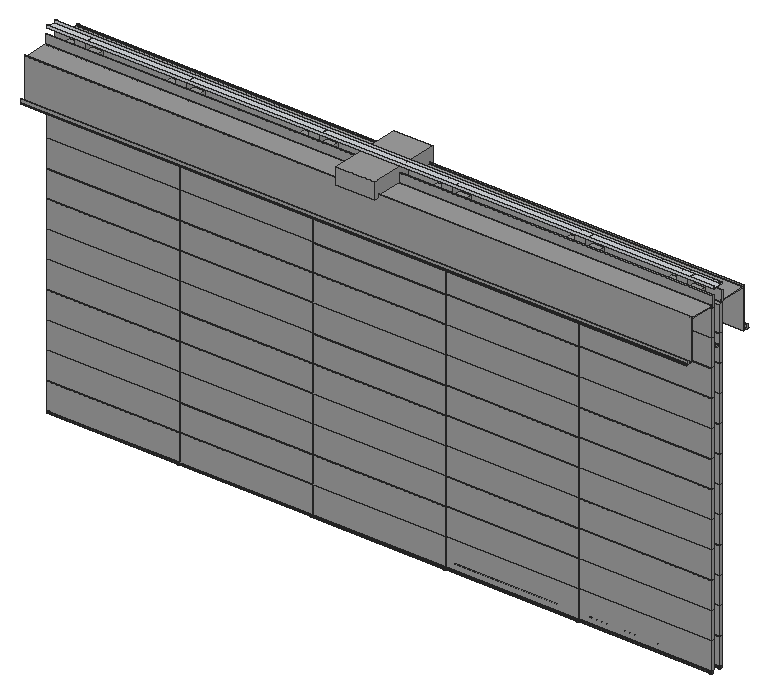
Revit family "Partition-12_Panels_High-Skyfold_Classic_Compact-22-1_to_24-2_FC_6730_to_7365", category Generic Models, host Ceiling, Revit 2026 (continued)
Definition of nested family "2D Fold Panels"
  Automatic sketch dimensions
    curve 20 to curve 21 = 0' - 0"
    curve 6 to curve 5 = 0' - 0"
    curve 19 to curve 20 = 0' - 0"
    curve 7 to curve 6 = 0' - 0"
    curve 18 to curve 19 = 0' - 0"
    curve 8 to curve 7 = 0' - 0"
    curve 17 to curve 18 = 0' - 0"
    curve 9 to curve 8 = 0' - 0"
    curve 16 to curve 17 = 0' - 0"
    curve 10 to curve 9 = 0' - 0"
    curve 15 to curve 16 = 0' - 0"
    curve 11 to curve 10 = 0' - 0"
    curve 14 to curve 15 = 0' - 0"
    curve 12 to curve 11 = 0' - 0"
    curve 13 to curve 12 = 0' - 0"  (x2)
    curve 12 to plane 4 = 0' - 8.45338"
    curve 11 to curve 12 = 0' - 0"
    curve 14 to curve 13 = 0' - 0"
    curve 10 to curve 11 = 0' - 0"
    curve 15 to curve 14 = 0' - 0"
    curve 9 to curve 10 = 0' - 0"
    curve 16 to curve 15 = 0' - 0"
    curve 8 to curve 9 = 0' - 0"
    curve 17 to curve 16 = 0' - 0"
    curve 7 to curve 8 = 0' - 0"
    curve 18 to curve 17 = 0' - 0"
    curve 6 to curve 7 = 0' - 0"
    curve 19 to curve 18 = 0' - 0"
    curve 5 to curve 6 = 0' - 0"
    curve 20 to curve 19 = 0' - 0"
    curve 4 to curve 5 = 0' - 0"
    curve 21 to curve 20 = 0' - 0"
    curve 3 to curve 4 = 0' - 0"
    curve 22 to curve 21 = 0' - 0"
    curve 2 to curve 3 = 0' - 0"
    curve 23 to curve 22 = 0' - 0"
    curve 1 to curve 2 = 0' - 0"
    curve 24 to curve 23 = 0' - 0"
    plane 5 to curve 48 = 0' - 8.45338"
    plane 5 to curve 25 = 0' - 8.45338"
    curve 47 to curve 48 = 0' - 0"
    curve 26 to curve 25 = 0' - 0"
    curve 46 to curve 47 = 0' - 0"
    curve 27 to curve 26 = 0' - 0"
    curve 45 to curve 46 = 0' - 0"
    curve 28 to curve 27 = 0' - 0"
    curve 44 to curve 45 = 0' - 0"
    curve 29 to curve 28 = 0' - 0"
    curve 43 to curve 44 = 0' - 0"
    curve 30 to curve 29 = 0' - 0"
    curve 42 to curve 43 = 0' - 0"
    curve 31 to curve 30 = 0' - 0"
    curve 41 to curve 42 = 0' - 0"
    curve 32 to curve 31 = 0' - 0"
    curve 40 to curve 41 = 0' - 0"
    curve 33 to curve 32 = 0' - 0"
    curve 39 to curve 40 = 0' - 0"
    curve 34 to curve 33 = 0' - 0"
    curve 38 to curve 39 = 0' - 0"
    curve 35 to curve 34 = 0' - 0"
    curve 37 to curve 38 = 0' - 0"
    curve 36 to curve 37 = 0' - 0"  (x2)
    curve 37 to plane 7 = 0' - 5.08923"
    curve 38 to curve 37 = 0' - 0"
    curve 35 to curve 36 = 0' - 0"
    curve 39 to curve 38 = 0' - 0"
    curve 34 to curve 35 = 0' - 0"
    curve 40 to curve 39 = 0' - 0"
    curve 33 to curve 34 = 0' - 0"
    curve 41 to curve 40 = 0' - 0"
    curve 32 to curve 33 = 0' - 0"
    curve 42 to curve 41 = 0' - 0"
    curve 31 to curve 32 = 0' - 0"
    curve 43 to curve 42 = 0' - 0"
    curve 30 to curve 31 = 0' - 0"
    curve 44 to curve 43 = 0' - 0"
    curve 29 to curve 30 = 0' - 0"
    curve 45 to curve 44 = 0' - 0"
    curve 28 to curve 29 = 0' - 0"
    curve 46 to curve 45 = 0' - 0"
    curve 27 to curve 28 = 0' - 0"
    curve 47 to curve 46 = 0' - 0"
    curve 26 to curve 27 = 0' - 0"
    curve 48 to curve 47 = 0' - 0"
    curve 25 to curve 26 = 0' - 0"
    curve 47 to plane 1 "Center (Front/Back)" = 0' - 2 1/4"
    curve 23 to plane 1 "Center (Front/Back)" = 0' - 2 1/4"
    curve 47 to curve 46 = 0' - 0 1/8"
    curve 23 to curve 22 = 0' - 0 1/8"
    curve 46 to curve 45 = 0' - 2 1/4"
    curve 22 to curve 21 = 0' - 2 1/4"
    curve 21 to curve 20 = 0' - 1.73506"
    curve 45 to curve 44 = 0' - 1.73506"
    curve 44 to curve 43 = 0' - 2 1/4"
    curve 20 to curve 19 = 0' - 2 1/4"
    curve 19 to curve 18 = 0' - 0 1/8"
    curve 43 to curve 42 = 0' - 0 1/8"
    curve 42 to curve 41 = 0' - 2 1/4"
    curve 18 to curve 17 = 0' - 2 1/4"
    curve 17 to curve 16 = 0' - 1.73506"
    curve 41 to curve 40 = 0' - 1.73506"
    curve 16 to curve 15 = 0' - 2 1/4"
    curve 40 to curve 39 = 0' - 2 1/4"
    curve 15 to curve 14 = 0' - 0 1/8"
    curve 39 to curve 38 = 0' - 0 1/8"
    curve 14 to curve 13 = 0' - 2 1/4"
    curve 38 to curve 37 = 0' - 2 1/4"
    curve 37 to curve 36 = 0' - 1.73506"
    curve 13 to curve 12 = 0' - 1.73506"
    curve 36 to curve 35 = 0' - 2 1/4"
    curve 12 to curve 11 = 0' - 2 1/4"
    curve 11 to curve 10 = 0' - 0 1/8"
    curve 35 to curve 34 = 0' - 0 1/8"
    curve 10 to curve 9 = 0' - 2 1/4"
    curve 34 to curve 33 = 0' - 2 1/4"
    curve 33 to curve 32 = 0' - 1.73506"
    curve 9 to curve 8 = 0' - 1.73506"
    curve 8 to curve 7 = 0' - 2 1/4"
    curve 32 to curve 31 = 0' - 2 1/4"
    curve 31 to curve 30 = 0' - 0 1/8"
    curve 7 to curve 6 = 0' - 0 1/8"
    curve 6 to curve 5 = 0' - 2 1/4"
    curve 30 to curve 29 = 0' - 2 1/4"
    curve 29 to curve 28 = 0' - 1.73506"
    curve 5 to curve 4 = 0' - 1.73506"
    curve 28 to curve 27 = 0' - 2 1/4"
    curve 4 to curve 3 = 0' - 2 1/4"
    curve 3 to curve 2 = 0' - 0 1/8"
    curve 27 to curve 26 = 0' - 0 1/8"
    curve 2 to curve 1 = 0' - 2 1/4"
    curve 26 to curve 25 = 0' - 2 1/4"
  Nested families (in)
    nested 1: "2D Ext Panels" at (-33.49724, 0, 0), type "panels", in view "Ref. Level"
    nested 2: "2D Int Panels" at (12.13272, 0, 0), type "Panels", in view "Ref. Level"
    nested 3: "2D Ext Panels" at (28.52102, 0, 0) x (-1, 0, 0) z (0, 0, 1), type "panels", in view "Ref. Level"
    nested 4: "2D Int Panels" at (-17.10894, 0, 0) x (-1, 0, 0) z (0, 0, 1), type "Panels", in view "Ref. Level"
  Definition of nested family "2D Ext Panels"
    Parameters
      Assembly Code = ""
    Reference planes (in)
      plane 1 "Center (Front/Back)": y = 0
      plane 2: z = 0
      plane 3 "Center (Left/Right)": x = 0
    Lines and regions (in)
      model lines, in view "Ref. Level"
        curve 1: line (-3.15164, 2.25, 0) -> (-7.51926, 2.25, 0)
        curve 2: line (-7.51926, 2.25, 0) -> (-8.31196, 1.4573, 0)
        curve 3: line (-8.31196, 1.4573, 0) -> (-8.31196, 0, 0)
        curve 4: line (-8.31196, 0, 0) -> (-3.15164, 0, 0)
        curve 5: line (-3.15164, 8.73506, 0) -> (-7.45687, 8.73506, 0)
        curve 6: line (-7.45687, 8.73506, 0) -> (-8.24087, 9.51906, 0)
        curve 7: line (-8.24087, 9.51906, 0) -> (-8.24087, 10.98506, 0)
        curve 8: line (-8.24087, 10.98506, 0) -> (-3.15164, 10.98506, 0)
        curve 9: line (-3.15164, 6.36006, 0) -> (-8.24087, 6.36006, 0)
        curve 10: line (-8.24087, 6.36006, 0) -> (-8.24087, 7.82606, 0)
        curve 11: line (-8.24087, 7.82606, 0) -> (-7.45687, 8.61006, 0)
        curve 12: line (-7.45687, 8.61006, 0) -> (-3.15164, 8.61006, 0)
        curve 13: line (-3.15164, 2.375, 0) -> (-7.52796, 2.375, 0)
        curve 14: line (-7.52796, 2.375, 0) -> (-8.31196, 3.159, 0)
        curve 15: line (-8.31196, 3.159, 0) -> (-8.31196, 4.625, 0)
        curve 16: line (-8.31196, 4.625, 0) -> (-3.15164, 4.625, 0)
      detail lines, in view "Ref. Level"
        curve 17: line (-3.15164, 15.09513, 0) -> (-7.45687, 15.09513, 0)
        curve 18: line (-7.45687, 15.09513, 0) -> (-8.24087, 15.87913, 0)
        curve 19: line (-8.24087, 15.87913, 0) -> (-8.24087, 17.34513, 0)
        curve 20: line (-8.24087, 17.34513, 0) -> (-3.15164, 17.34513, 0)
        curve 21: line (-3.15164, 12.72013, 0) -> (-8.24087, 12.72013, 0)
        curve 22: line (-8.24087, 12.72013, 0) -> (-8.24087, 14.18613, 0)
        curve 23: line (-8.24087, 14.18613, 0) -> (-7.45687, 14.97013, 0)
        curve 24: line (-7.45687, 14.97013, 0) -> (-3.15164, 14.97013, 0)
        curve 25: line (-3.15164, 21.45519, 0) -> (-7.45687, 21.45519, 0)
        curve 26: line (-7.45687, 21.45519, 0) -> (-8.24087, 22.23919, 0)
        curve 27: line (-8.24087, 22.23919, 0) -> (-8.24087, 23.70519, 0)
        curve 28: line (-8.24087, 23.70519, 0) -> (-3.15164, 23.70519, 0)
        curve 29: line (-3.15164, 19.08019, 0) -> (-8.24087, 19.08019, 0)
        curve 30: line (-8.24087, 19.08019, 0) -> (-8.24087, 20.54619, 0)
        curve 31: line (-8.24087, 20.54619, 0) -> (-7.45687, 21.33019, 0)
        curve 32: line (-7.45687, 21.33019, 0) -> (-3.15164, 21.33019, 0)
        curve 33: line (-3.15164, 27.81525, 0) -> (-7.45687, 27.81525, 0)
        curve 34: line (-7.45687, 27.81525, 0) -> (-8.24087, 28.59925, 0)
        curve 35: line (-8.24087, 28.59925, 0) -> (-8.24087, 30.06525, 0)
        curve 36: line (-8.24087, 30.06525, 0) -> (-3.15164, 30.06525, 0)
        curve 37: line (-3.15164, 25.44025, 0) -> (-8.24087, 25.44025, 0)
        curve 38: line (-8.24087, 25.44025, 0) -> (-8.24087, 26.90625, 0)
        curve 39: line (-8.24087, 26.90625, 0) -> (-7.45687, 27.69025, 0)
        curve 40: line (-7.45687, 27.69025, 0) -> (-3.15164, 27.69025, 0)
        curve 41: line (-3.15164, 34.17531, 0) -> (-7.45687, 34.17531, 0)
        curve 42: line (-7.45687, 34.17531, 0) -> (-8.24087, 34.95931, 0)
        curve 43: line (-8.24087, 34.95931, 0) -> (-8.24087, 36.42531, 0)
        curve 44: line (-8.24087, 36.42531, 0) -> (-3.15164, 36.42531, 0)
        curve 45: line (-3.15164, 31.80031, 0) -> (-8.24087, 31.80031, 0)
        curve 46: line (-8.24087, 31.80031, 0) -> (-8.24087, 33.26631, 0)
        curve 47: line (-8.24087, 33.26631, 0) -> (-7.45687, 34.05031, 0)
        curve 48: line (-7.45687, 34.05031, 0) -> (-3.15164, 34.05031, 0)
  Definition of nested family "2D Int Panels"
    Parameters
      Assembly Code = ""
    Reference planes (in)
      plane 1 "Center (Front/Back)": y = 0
      plane 2: z = 0
      plane 3 "Center (Left/Right)": x = -12.78401
    Lines and regions (in)
      model lines, in view "Ref. Level"
        curve 1: arc (-16.55211, 0.06825, 0) -> (-16.24953, 0.15463, 0) -> (-16.11168, 0.4375, 0) r 0.38616
        curve 2: arc (-16.11168, 0.4375, 0) -> (-16.23386, 0.72219, 0) -> (-16.531, 0.80987, 0) r 0.36427
        curve 3: arc (-17.59327, 36.35706, 0) -> (-17.29068, 36.27069, 0) -> (-17.15283, 35.98781, 0) r 0.38616
        curve 4: arc (-17.15283, 35.98781, 0) -> (-17.27502, 35.70312, 0) -> (-17.57215, 35.61544, 0) r 0.36427
        curve 5: line (-26.32421, 0, 0) -> (-17.87083, 0, 0)
        curve 6: line (-17.87083, 0, 0) -> (-17.87083, 0.24995, 0)
        curve 7: line (-17.87083, 0.24995, 0) -> (-16.55211, 0.06825, 0)
        curve 8: line (-16.531, 0.80987, 0) -> (-17.72553, 0.63308, 0)
        curve 9: line (-17.72553, 0.63308, 0) -> (-17.87083, 0.62287, 0)
        curve 10: line (-17.87083, 0.62287, 0) -> (-17.87083, 0.75, 0)
        curve 11: line (-17.87083, 0.75, 0) -> (-18.38883, 0.75, 0)
        curve 12: line (-18.38883, 0.75, 0) -> (-18.38883, 2.25, 0)
        curve 13: line (-18.38883, 2.25, 0) -> (-26.32421, 2.25, 0)
        curve 14: line (-26.32421, 4.625, 0) -> (-17.87083, 4.625, 0)
        curve 15: line (-17.87083, 4.625, 0) -> (-17.87083, 4.375, 0)
        curve 16: line (-17.87083, 4.375, 0) -> (-18.37083, 4.375, 0)
        curve 17: line (-18.37083, 4.375, 0) -> (-18.37083, 2.375, 0)
        curve 18: line (-18.37083, 2.375, 0) -> (-26.32421, 2.375, 0)
        curve 19: line (-26.32421, 8.61006, 0) -> (-17.87083, 8.61006, 0)
        curve 20: line (-17.87083, 8.61006, 0) -> (-17.87083, 6.36006, 0)
        curve 21: line (-17.87083, 6.36006, 0) -> (-26.32421, 6.36006, 0)
        curve 22: line (-26.32421, 10.98506, 0) -> (-17.87083, 10.98506, 0)
        curve 23: line (-17.87083, 10.98506, 0) -> (-17.87083, 10.73506, 0)
        curve 24: line (-17.87083, 10.73506, 0) -> (-18.37083, 10.73506, 0)
        curve 25: line (-18.37083, 10.73506, 0) -> (-18.37083, 8.73506, 0)
        curve 26: line (-18.37083, 8.73506, 0) -> (-26.32421, 8.73506, 0)
        curve 27: line (-26.32421, 34.05031, 0) -> (-17.87083, 34.05031, 0)
        curve 28: line (-17.87083, 34.05031, 0) -> (-17.87083, 31.80031, 0)
        curve 29: line (-17.87083, 31.80031, 0) -> (-26.32421, 31.80031, 0)
        curve 30: line (-26.32421, 36.42531, 0) -> (-18.87083, 36.42531, 0)
        curve 31: line (-18.87083, 36.42531, 0) -> (-18.868, 36.17536, 0)
        curve 32: line (-18.868, 36.17536, 0) -> (-17.59327, 36.35706, 0)
        curve 33: line (-17.57215, 35.61544, 0) -> (-18.76668, 35.79223, 0)
        curve 34: line (-18.76668, 35.79223, 0) -> (-18.90283, 35.80263, 0)
        curve 35: line (-18.90283, 35.80263, 0) -> (-18.90283, 35.67531, 0)
        curve 36: line (-18.90283, 35.67531, 0) -> (-19.17083, 35.67531, 0)
        curve 37: line (-19.17083, 35.67531, 0) -> (-19.17083, 34.17531, 0)
        curve 38: line (-19.17083, 34.17531, 0) -> (-26.32421, 34.17531, 0)
      detail lines, in view "Ref. Level"
        curve 39: line (-26.32421, 21.33019, 0) -> (-17.87083, 21.33019, 0)
        curve 40: line (-17.87083, 21.33019, 0) -> (-17.87083, 19.08019, 0)
        curve 41: line (-17.87083, 19.08019, 0) -> (-26.32421, 19.08019, 0)
        curve 42: line (-26.32421, 23.70519, 0) -> (-17.87083, 23.70519, 0)
        curve 43: line (-17.87083, 23.70519, 0) -> (-17.87083, 23.45519, 0)
        curve 44: line (-17.87083, 23.45519, 0) -> (-18.37083, 23.45519, 0)
        curve 45: line (-18.37083, 23.45519, 0) -> (-18.37083, 21.45519, 0)
        curve 46: line (-18.37083, 21.45519, 0) -> (-26.32421, 21.45519, 0)
        curve 47: line (-26.32421, 14.97013, 0) -> (-17.87083, 14.97013, 0)
        curve 48: line (-17.87083, 14.97013, 0) -> (-17.87083, 12.72013, 0)
        curve 49: line (-17.87083, 12.72013, 0) -> (-26.32421, 12.72013, 0)
        curve 50: line (-26.32421, 17.34513, 0) -> (-17.87083, 17.34513, 0)
        curve 51: line (-17.87083, 17.34513, 0) -> (-17.87083, 17.09513, 0)
        curve 52: line (-17.87083, 17.09513, 0) -> (-18.37083, 17.09513, 0)
        curve 53: line (-18.37083, 17.09513, 0) -> (-18.37083, 15.09513, 0)
        curve 54: line (-18.37083, 15.09513, 0) -> (-26.32421, 15.09513, 0)
        curve 55: line (-26.32421, 27.69025, 0) -> (-17.87083, 27.69025, 0)
        curve 56: line (-17.87083, 27.69025, 0) -> (-17.87083, 25.44025, 0)
        curve 57: line (-17.87083, 25.44025, 0) -> (-26.32421, 25.44025, 0)
        curve 58: line (-26.32421, 30.06525, 0) -> (-17.87083, 30.06525, 0)
        curve 59: line (-17.87083, 30.06525, 0) -> (-17.87083, 29.81525, 0)
        curve 60: line (-17.87083, 29.81525, 0) -> (-18.37083, 29.81525, 0)
        curve 61: line (-18.37083, 29.81525, 0) -> (-18.37083, 27.81525, 0)
        curve 62: line (-18.37083, 27.81525, 0) -> (-26.32421, 27.81525, 0)
Definition of nested family "2D Unfold Panels"
  Parameters
    Wall thickness = 0' - 11 3/4"
    Distance_Between_Panels = 2' - 2 7/8"
    Assembly Code = ""
  Reference planes (in)
    plane 1: z = 0
    plane 2 "Center (Left/Right)": x = 0.41811
    plane 3: y = 92
    plane 4: y = 65.125
    plane 5: y = 38.25
    plane 6: y = 11.375
    plane 7: y = -15.5
    plane 8: y = -42.375
    plane 9: y = -69.25
    plane 10: y = -96.125
    plane 11: y = -123
    plane 12: y = -149.875
    plane 13: y = -176.75
    plane 14: y = -203.625
    plane 15: y = -230.5
    plane 16: y = -230.57812
    plane 17: y = 90.89062
    plane 18: x = 6.29311
    plane 19: x = -5.45689
  Lines and regions (in)
    detail lines, in view "Ref. Level"
      curve 1: line (-5.45689, 87.75359, 0) -> (-5.45689, 68.93944, 0)
      curve 2: line (-3.20678, 87.75359, 0) -> (-3.20678, 68.93944, 0)
      curve 3: line (-5.45689, 62.08989, 0) -> (-5.45689, 41.31444, 0)
      curve 4: line (-3.20678, 62.08989, 0) -> (-3.20678, 41.31444, 0)
      curve 5: line (-3.20678, 35.47786, 0) -> (-3.20678, 14.33098, 0)
      curve 6: line (-5.45689, 14.33098, 0) -> (-5.45689, 35.47786, 0)
      curve 7: line (-5.45689, -45.41011, 0) -> (-5.45689, -65.00359, 0)
      curve 8: line (-3.20678, -45.41011, 0) -> (-3.20678, -65.00359, 0)
      curve 9: line (-5.45689, 8.33989, 0) -> (-5.45689, -12.43556, 0)
      curve 10: line (-3.20678, 8.33989, 0) -> (-3.20678, -12.43556, 0)
      curve 11: line (-3.20678, -18.27214, 0) -> (-3.20678, -39.41902, 0)
      curve 12: line (-5.45689, -39.41902, 0) -> (-5.45689, -18.27214, 0)
      curve 13: line (-5.45689, -99.16011, 0) -> (-5.45689, -118.75359, 0)
      curve 14: line (-3.20678, -99.16011, 0) -> (-3.20678, -118.75359, 0)
      curve 15: line (-3.20678, -72.02214, 0) -> (-3.20678, -93.16902, 0)
      curve 16: line (-5.45689, -93.16902, 0) -> (-5.45689, -72.02214, 0)
      curve 17: line (-5.45689, -152.91011, 0) -> (-5.45689, -172.50359, 0)
      curve 18: line (-3.20678, -152.91011, 0) -> (-3.20678, -172.50359, 0)
      curve 19: line (-3.20678, -125.77214, 0) -> (-3.20678, -146.91902, 0)
      curve 20: line (-5.45689, -146.91902, 0) -> (-5.45689, -125.77214, 0)
      curve 21: line (-5.45689, -206.66011, 0) -> (-5.45689, -226.75359, 0)
      curve 22: line (-3.20678, -206.66011, 0) -> (-3.20678, -226.75359, 0)
      curve 23: line (-3.20678, -179.52214, 0) -> (-3.20678, -200.66902, 0)
      curve 24: line (-5.45689, -200.66902, 0) -> (-5.45689, -179.52214, 0)
      curve 25: line (6.29311, 87.75359, 0) -> (6.29311, 68.93944, 0)
      curve 26: line (4.043, 87.75359, 0) -> (4.043, 68.93944, 0)
      curve 27: line (6.29311, 62.08989, 0) -> (6.29311, 41.31444, 0)
      curve 28: line (4.043, 62.08989, 0) -> (4.043, 41.31444, 0)
      curve 29: line (4.043, 35.47786, 0) -> (4.043, 14.33098, 0)
      curve 30: line (6.29311, 14.33098, 0) -> (6.29311, 35.47786, 0)
      curve 31: line (6.29311, -45.41011, 0) -> (6.29311, -65.00359, 0)
      curve 32: line (4.043, -45.41011, 0) -> (4.043, -65.00359, 0)
      curve 33: line (6.29311, 8.33989, 0) -> (6.29311, -12.43556, 0)
      curve 34: line (4.043, 8.33989, 0) -> (4.043, -12.43556, 0)
      curve 35: line (4.043, -18.27214, 0) -> (4.043, -39.41902, 0)
      curve 36: line (6.29311, -39.41902, 0) -> (6.29311, -18.27214, 0)
      curve 37: line (6.29311, -99.16011, 0) -> (6.29311, -118.75359, 0)
      curve 38: line (4.043, -99.16011, 0) -> (4.043, -118.75359, 0)
      curve 39: line (4.043, -72.02214, 0) -> (4.043, -93.16902, 0)
      curve 40: line (6.29311, -93.16902, 0) -> (6.29311, -72.02214, 0)
      curve 41: line (6.29311, -152.91011, 0) -> (6.29311, -172.50359, 0)
      curve 42: line (4.043, -152.91011, 0) -> (4.043, -172.50359, 0)
      curve 43: line (4.043, -125.77214, 0) -> (4.043, -146.91902, 0)
      curve 44: line (6.29311, -146.91902, 0) -> (6.29311, -125.77214, 0)
      curve 45: line (6.29311, -206.66011, 0) -> (6.29311, -226.75359, 0)
      curve 46: line (4.043, -206.66011, 0) -> (4.043, -226.75359, 0)
      curve 47: line (4.043, -179.52214, 0) -> (4.043, -200.66902, 0)
      curve 48: line (6.29311, -200.66902, 0) -> (6.29311, -179.52214, 0)
  Dimensions and locks (in)
    "Distance_Between_Panels": plane 4 to plane 3
    locked: plane 16 to plane 15 at 0.07812
    locked: plane 3 to plane 17 at 1.10937
    equal spacing: plane 15, plane 14, plane 13, plane 12, plane 11, plane 10, plane 9, plane 8, plane 7, plane 6, plane 5, plane 4, plane 3
    equal spacing: plane 19, plane 2 "Center (Left/Right)", plane 18
    "Wall thickness": plane 19 to plane 18
    aligned and locked: plane 2 "Center (Left/Right)" to nested 1
    aligned and locked: plane 2 "Center (Left/Right)" to nested 2
    aligned and locked: plane 2 "Center (Left/Right)" to nested 3
    aligned and locked: plane 2 "Center (Left/Right)" to nested 4
    aligned and locked: plane 2 "Center (Left/Right)" to nested 5
    aligned: plane 3 to nested 5
    aligned: plane 5 to nested 4
    aligned: plane 6 to nested 3
    aligned: plane 9 to nested 2
    aligned: nested 2 to plane 9
    aligned: plane 8 to nested 6
    aligned: plane 7 to nested 7
    aligned: nested 3 to plane 6
    aligned: nested 4 to plane 5
    aligned and locked: nested 2 to plane 8
    aligned and locked: nested 6 to plane 7
    aligned and locked: nested 7 to plane 6
    aligned and locked: nested 3 to plane 5
    aligned and locked: nested 4 to plane 4
    aligned and locked: nested 8 to plane 10
    aligned and locked: nested 9 to plane 9
    aligned and locked: nested 10 to plane 12
    aligned and locked: nested 11 to plane 11
    aligned: plane 15 to nested 1
    aligned and locked: nested 12 to plane 14
    aligned and locked: nested 13 to plane 13
    aligned and locked: nested 1 to plane 16
    aligned and locked: nested 5 to plane 17
    aligned and locked: plane 2 "Center (Left/Right)" to nested 12
    aligned and locked: plane 2 "Center (Left/Right)" to nested 13
    aligned and locked: plane 2 "Center (Left/Right)" to nested 10
    aligned and locked: plane 2 "Center (Left/Right)" to nested 11
    aligned and locked: plane 2 "Center (Left/Right)" to nested 8
    aligned and locked: plane 2 "Center (Left/Right)" to nested 9
    aligned and locked: plane 2 "Center (Left/Right)" to nested 6
    aligned and locked: plane 2 "Center (Left/Right)" to nested 7
  Automatic sketch dimensions
    curve 1 to plane 19 = 0' - 0"
    curve 24 to plane 19 = 0' - 0"
    curve 3 to plane 19 = 0' - 0"
    curve 21 to plane 19 = 0' - 0"
    curve 20 to plane 19 = 0' - 0"
    curve 6 to plane 19 = 0' - 0"
    curve 7 to plane 19 = 0' - 0"
    curve 17 to plane 19 = 0' - 0"
    curve 9 to plane 19 = 0' - 0"
    curve 16 to plane 19 = 0' - 0"
    curve 13 to plane 19 = 0' - 0"
    curve 12 to plane 19 = 0' - 0"
    curve 37 to plane 18 = 0' - 0"
    curve 36 to plane 18 = 0' - 0"
    curve 33 to plane 18 = 0' - 0"
    curve 40 to plane 18 = 0' - 0"
    curve 41 to plane 18 = 0' - 0"
    curve 31 to plane 18 = 0' - 0"
    curve 30 to plane 18 = 0' - 0"
    curve 27 to plane 18 = 0' - 0"
    curve 44 to plane 18 = 0' - 0"
    curve 45 to plane 18 = 0' - 0"
    curve 25 to plane 18 = 0' - 0"
    curve 48 to plane 18 = 0' - 0"
    plane 19 to curve 11 = 0' - 2.25011"
    plane 19 to curve 14 = 0' - 2.25011"
    plane 19 to curve 15 = 0' - 2.25011"
    plane 19 to curve 10 = 0' - 2.25011"
    plane 19 to curve 8 = 0' - 2.25011"
    plane 19 to curve 18 = 0' - 2.25011"
    plane 19 to curve 19 = 0' - 2.25011"
    plane 19 to curve 5 = 0' - 2.25011"
    plane 19 to curve 4 = 0' - 2.25011"
    plane 19 to curve 22 = 0' - 2.25011"
    plane 19 to curve 23 = 0' - 2.25011"
    plane 19 to curve 2 = 0' - 2.25011"
    curve 47 to plane 18 = 0' - 2.25011"
    curve 46 to plane 18 = 0' - 2.25011"
    curve 26 to curve 25 = 0' - 2.25011"
    curve 43 to plane 18 = 0' - 2.25011"
    curve 28 to curve 27 = 0' - 2.25011"
    curve 29 to curve 30 = 0' - 2.25011"
    curve 42 to plane 18 = 0' - 2.25011"
    curve 32 to plane 18 = 0' - 2.25011"
    curve 39 to plane 18 = 0' - 2.25011"
    curve 34 to plane 18 = 0' - 2.25011"
    curve 35 to plane 18 = 0' - 2.25011"
    curve 38 to plane 18 = 0' - 2.25011"
    plane 16 to curve 45 = 0' - 3.82454"
    plane 16 to curve 21 = 0' - 3.82454"
    curve 46 to curve 45 = 0' - 0"  (x2)
    curve 21 to curve 22 = 0' - 0"  (x2)
    plane 14 to curve 46 = 0' - 3.03511"
    plane 14 to curve 22 = 0' - 3.03511"
    curve 23 to plane 14 = 0' - 2.95598"
    curve 47 to plane 14 = 0' - 2.95598"
    curve 24 to curve 23 = 0' - 0"  (x2)
    curve 47 to curve 48 = 0' - 0"  (x2)
    plane 13 to curve 47 = 0' - 2.77214"
    plane 13 to curve 24 = 0' - 2.77214"
    curve 41 to plane 13 = 0' - 4.24641"
    curve 17 to plane 13 = 0' - 4.24641"
    curve 42 to curve 41 = 0' - 0"  (x2)
    curve 17 to curve 18 = 0' - 0"  (x2)
    plane 12 to curve 42 = 0' - 3.03511"
    plane 12 to curve 17 = 0' - 3.03511"
    curve 19 to plane 12 = 0' - 2.95598"
    curve 43 to plane 12 = 0' - 2.95598"
    curve 43 to curve 44 = 0' - 0"  (x2)
    curve 20 to curve 19 = 0' - 0"  (x2)
    plane 11 to curve 44 = 0' - 2.77214"
    plane 11 to curve 20 = 0' - 2.77214"
    curve 37 to plane 11 = 0' - 4.24641"
    curve 14 to plane 11 = 0' - 4.24641"
    curve 13 to curve 14 = 0' - 0"  (x2)
    curve 38 to curve 37 = 0' - 0"  (x2)
    plane 10 to curve 13 = 0' - 3.03511"
    plane 10 to curve 38 = 0' - 3.03511"
    curve 16 to plane 10 = 0' - 2.95598"
    curve 40 to plane 10 = 0' - 2.95598"
    curve 39 to curve 40 = 0' - 0"  (x2)
    curve 16 to curve 15 = 0' - 0"  (x2)
    plane 9 to curve 39 = 0' - 2.77214"
    plane 9 to curve 15 = 0' - 2.77214"
    curve 7 to plane 9 = 0' - 4.24641"
    curve 32 to plane 9 = 0' - 4.24641"
    curve 32 to curve 31 = 0' - 0"  (x2)
    curve 7 to curve 8 = 0' - 0"  (x2)
    plane 8 to curve 7 = 0' - 3.03511"
    plane 8 to curve 31 = 0' - 3.03511"
    curve 12 to plane 8 = 0' - 2.95598"
    curve 12 to curve 11 = 0' - 0"  (x2)
    curve 36 to plane 8 = 0' - 2.95598"
    curve 35 to curve 36 = 0' - 0"  (x2)
    plane 7 to curve 36 = 0' - 2.77214"
    plane 7 to curve 12 = 0' - 2.77214"
    curve 33 to plane 7 = 0' - 3.06444"
    curve 10 to plane 7 = 0' - 3.06444"
    curve 34 to curve 33 = 0' - 0"  (x2)
    curve 9 to curve 10 = 0' - 0"  (x2)
    plane 6 to curve 33 = 0' - 3.03511"
    plane 6 to curve 10 = 0' - 3.03511"
    curve 6 to plane 6 = 0' - 2.95598"
    curve 30 to plane 6 = 0' - 2.95598"
    curve 6 to curve 5 = 0' - 0"  (x2)
    curve 29 to curve 30 = 0' - 0"  (x2)
    plane 5 to curve 6 = 0' - 2.77214"
    plane 5 to curve 30 = 0' - 2.77214"
    curve 3 to plane 5 = 0' - 3.06444"
    curve 27 to plane 5 = 0' - 3.06444"
    curve 3 to curve 4 = 0' - 0"  (x2)
    curve 28 to curve 27 = 0' - 0"  (x2)
    plane 4 to curve 28 = 0' - 3.03511"
    plane 4 to curve 3 = 0' - 3.03511"
    curve 1 to plane 4 = 0' - 3.81444"
    curve 25 to plane 4 = 0' - 3.81444"
    curve 1 to curve 2 = 0' - 0"  (x2)
    curve 26 to curve 25 = 0' - 0"  (x2)
    curve 2 to plane 17 = 0' - 3.13704"
    curve 25 to plane 17 = 0' - 3.13704"
  Nested families (in)
    nested 1: "vert fin bas" at (0.01809, -226.33456, 0), type "vert fin bas", in view "Ref. Level"
    nested 2: "vert biseau" at (0.37088, -45.37581, 0), type "vert biseau", in view "Ref. Level"
    nested 3: "vert levres" at (0.31883, 35.57838, 0), type "vert levres", in view "Ref. Level"
    nested 4: "vert biseau" at (0.37088, 62.12419, 0), type "vert biseau", in view "Ref. Level"
    nested 5: "vert fin haut" at (0.85512, 86.64706, 0), type "vert fin haut", in view "Ref. Level"
    nested 6: "vert levres" at (0.31883, -18.17162, 0), type "vert levres", in view "Ref. Level"
    nested 7: "vert biseau" at (0.37088, 8.37419, 0), type "vert biseau", in view "Ref. Level"
    nested 8: "vert biseau" at (0.37088, -99.12581, 0), type "vert biseau", in view "Ref. Level"
    nested 9: "vert levres" at (0.31883, -71.92162, 0), type "vert levres", in view "Ref. Level"
    nested 10: "vert biseau" at (0.37088, -152.87581, 0), type "vert biseau", in view "Ref. Level"
    nested 11: "vert levres" at (0.31883, -125.67162, 0), type "vert levres", in view "Ref. Level"
    nested 12: "vert biseau" at (0.37088, -206.62581, 0), type "vert biseau", in view "Ref. Level"
    nested 13: "vert levres" at (0.31883, -179.42162, 0), type "vert levres", in view "Ref. Level"
  Definition of nested family "vert fin bas"
    Parameters
      Wall thickness = 0' - 11 3/4"
      Assembly Code = ""
    Reference planes (in)
      plane 1 "Center (Front/Back)": y = 0
      plane 2: z = 0
      plane 3 "Center (Left/Right)": x = 0.40002
      plane 4: x = -5.47498
      plane 5: x = 6.27502
    Lines and regions (in)
      model lines, in view "Ref. Level"
        curve 1: arc (-5.46512, -5.84526, 0) -> (-5.03544, -6.27494, 0) -> (-4.60575, -5.84526, 0) r 0.42968
        curve 2: line (-5.47498, 0.00284, 0) -> (-5.47498, -4.27482, 0)
        curve 3: line (-5.47498, -4.27482, 0) -> (-5.22497, -4.27482, 0)
        curve 4: line (-5.22497, -4.27482, 0) -> (-5.46512, -5.84526, 0)
        curve 5: line (-4.60575, -5.84526, 0) -> (-4.85481, -4.24357, 0)
        curve 6: line (-4.85481, -4.24357, 0) -> (-4.24567, -4.24357, 0)
        curve 7: line (-4.24567, -4.24357, 0) -> (-3.22487, -3.22277, 0)
        curve 8: line (-3.22487, -3.22277, 0) -> (-3.22487, 0.00284, 0)
        curve 9: arc (0.90004, -6.01609, 0) -> (1.25205, -5.87118, 0) -> (1.40004, -5.52045, 0) r 0.50003
        curve 10: arc (1.40004, -5.52045, 0) -> (1.38599, -5.43168, 0) -> (1.33756, -5.35598, 0) r 0.21963
        curve 11: arc (-0.53754, -5.35598, 0) -> (-0.58597, -5.43168, 0) -> (-0.60002, -5.52045, 0) r 0.21963
        curve 12: arc (-0.60002, -5.52045, 0) -> (-0.45203, -5.87118, 0) -> (-0.10001, -6.01609, 0) r 0.50003
        curve 13: arc (0.15, -4.98096, 0) -> (0.23839, -4.94435, 0) -> (0.275, -4.85595, 0) r 0.12501
        curve 14: arc (0.52502, -4.85595, 0) -> (0.56163, -4.94435, 0) -> (0.65002, -4.98096, 0) r 0.12501
        curve 15: arc (-0.60004, -4.85595, 0) -> (-0.68843, -4.89257, 0) -> (-0.72505, -4.98096, 0) r 0.12501
        curve 16: arc (-0.72505, -5.51606, 0) -> (-0.54198, -5.95803, 0) -> (-0.10001, -6.14109, 0) r 0.62503
        curve 17: arc (0.90004, -6.14109, 0) -> (1.342, -5.95803, 0) -> (1.52507, -5.51606, 0) r 0.62503
        curve 18: arc (1.52507, -4.98096, 0) -> (1.48845, -4.89257, 0) -> (1.40006, -4.85595, 0) r 0.12501
        curve 19: line (-0.10001, -6.01609, 0) -> (0.90004, -6.01609, 0)
        curve 20: line (1.33756, -5.35598, 0) -> (-0.53754, -5.35598, 0)
        curve 21: line (0.65002, -4.98096, 0) -> (1.40006, -4.98096, 0)
        curve 22: line (1.40006, -4.98096, 0) -> (1.40006, -5.23097, 0)
        curve 23: line (1.40006, -5.23097, 0) -> (-0.60004, -5.23097, 0)
        curve 24: line (-0.60004, -5.23097, 0) -> (-0.60004, -4.98096, 0)
        curve 25: line (-0.60004, -4.98096, 0) -> (0.15, -4.98096, 0)
        curve 26: line (0.275, -4.85595, 0) -> (0.275, -3.23087, 0)
        curve 27: line (0.275, -3.23087, 0) -> (0.52502, -3.23087, 0)
        curve 28: line (0.52502, -3.23087, 0) -> (0.52502, -4.85595, 0)
        curve 29: line (-0.35003, -4.98096, 0) -> (-0.35003, -4.85595, 0)
        curve 30: line (-0.35003, -4.85595, 0) -> (-0.60004, -4.85595, 0)
        curve 31: line (-0.72505, -4.98096, 0) -> (-0.72505, -5.51606, 0)
        curve 32: line (-0.10001, -6.14109, 0) -> (0.90004, -6.14109, 0)
        curve 33: line (1.52507, -5.51606, 0) -> (1.52507, -4.98096, 0)
        curve 34: line (1.40006, -4.85595, 0) -> (1.15005, -4.85595, 0)
        curve 35: line (1.15005, -4.85595, 0) -> (1.15005, -4.98096, 0)
      detail lines, in view "Ref. Level"
        curve 36: arc (6.26516, -5.84526, 0) -> (5.83548, -6.27494, 0) -> (5.4058, -5.84526, 0) r 0.42968
        curve 37: line (6.27502, 0.00284, 0) -> (6.27502, -4.27482, 0)
        curve 38: line (6.27502, -4.27482, 0) -> (6.02501, -4.27482, 0)
        curve 39: line (6.02501, -4.27482, 0) -> (6.26516, -5.84526, 0)
        curve 40: line (5.4058, -5.84526, 0) -> (5.65485, -4.24357, 0)
        curve 41: line (5.65485, -4.24357, 0) -> (5.04571, -4.24357, 0)
        curve 42: line (5.04571, -4.24357, 0) -> (4.02491, -3.22277, 0)
        curve 43: line (4.02491, -3.22277, 0) -> (4.02491, 0.00284, 0)
    Dimensions and locks (in)
      equal spacing: plane 4, plane 3 "Center (Left/Right)", plane 5
      "Wall thickness": plane 4 to plane 5
    Automatic sketch dimensions
      curve 9 to curve 17 = 0' - 0"  (x2)
      curve 12 to curve 16 = 0' - 0"  (x2)
      curve 2 to plane 4 = 0' - 0"
      curve 37 to plane 5 = 0' - 0"
      plane 4 to curve 4 = 0' - 0.00986"
      curve 2 to curve 4 = 0' - 0 1/4"
      curve 1 to curve 1 = 0' - 0 55/128"
      curve 3 to curve 5 = 0' - 0.37016"
      curve 5 to curve 6 = 0' - 0.60914"
      curve 6 to curve 8 = 0' - 1.0208"
      curve 31 to plane 3 "Center (Left/Right)" = 0' - 1.12507"
      curve 15 to curve 24 = 0' - 0 1/8"
      curve 15 to curve 24 = 0' - 0"  (x2)
      curve 31 to curve 11 = 0' - 0.12503"
      curve 23 to curve 20 = 0' - 0 1/16"
      curve 12 to curve 11 = 0' - 0.21937"
      curve 24 to curve 29 = 0' - 0 1/4"
      curve 12 to plane 3 "Center (Left/Right)" = 0' - 0.50004"
      curve 13 to plane 3 "Center (Left/Right)" = 0' - 0.25002"
      curve 26 to plane 3 "Center (Left/Right)" = 0' - 0 1/8"
      plane 3 "Center (Left/Right)" to curve 28 = 0' - 0 1/8"
      curve 14 to curve 21 = 0' - 0 1/8"
      plane 3 "Center (Left/Right)" to curve 32 = 0' - 0 1/2"
      curve 14 to curve 34 = 0' - 0.50002"
      curve 9 to curve 10 = 0' - 0.28063"
      curve 10 to curve 20 = 0' - 0.15689"
      curve 10 to curve 10 = 0' - 0 1/16"
      curve 35 to curve 21 = 0' - 0 1/4"
      curve 18 to curve 21 = 0' - 0"
      curve 9 to curve 17 = 0' - 0.12503"
      curve 43 to plane 5 = 0' - 2.25011"
      curve 42 to plane 5 = 0' - 1.22931"
      curve 40 to plane 5 = 0' - 0.86922"
      curve 41 to curve 40 = 0' - 0.60914"
      curve 36 to curve 36 = 0' - 0 55/128"
      curve 38 to plane 5 = 0' - 0 1/4"
      plane 1 "Center (Front/Back)" to curve 32 = 0' - 6.14109"
      curve 32 to curve 19 = 0' - 0 1/8"
      curve 36 to curve 17 = 0' - 0.3292"
      curve 5 to curve 16 = 0' - 0.3292"
      curve 12 to curve 11 = 0' - 0.01076"
      curve 20 to curve 23 = 0' - 0 1/8"
      curve 22 to curve 33 = 0' - 0 1/4"
      curve 12 to curve 25 = 0' - 0.5351"
      curve 14 to curve 13 = 0' - 0 1/8"
      curve 1 to curve 3 = 0' - 1.57044"
      curve 36 to curve 39 = 0' - 1.57044"
      curve 38 to curve 42 = 0' - 0 1/32"
      curve 3 to curve 7 = 0' - 0 1/32"
      curve 13 to curve 26 = 0' - 1.62508"
      curve 41 to curve 42 = 0' - 1.0208"
      curve 6 to curve 7 = 0' - 1.0208"
      curve 8 to plane 1 "Center (Front/Back)" = 0' - 0.00284"
      curve 37 to plane 1 "Center (Front/Back)" = 0' - 0.00284"
      curve 2 to plane 1 "Center (Front/Back)" = 0' - 0.00284"
      curve 43 to plane 1 "Center (Front/Back)" = 0' - 0.00284"
  Definition of nested family "vert biseau"
    Parameters
      Wall thickness = 0' - 11 3/4"
      Assembly Code = ""
    Reference planes (in)
      plane 1 "Center (Front/Back)": y = 0
      plane 2: z = 0
      plane 3 "Center (Left/Right)": x = 0.04723
      plane 4: x = -5.82777
      plane 5: x = 5.92223
    Lines and regions (in)
      model lines, in view "Ref. Level"
        curve 1: line (-3.57766, -0.0343, 0) -> (-3.57766, 2.19877, 0)
        curve 2: line (-3.57766, 2.19877, 0) -> (-4.3797, 3.00081, 0)
        curve 3: line (-4.3797, 3.00081, 0) -> (-5.82777, 3.00081, 0)
        curve 4: line (-5.82777, 3.00081, 0) -> (-5.82777, -0.0343, 0)
        curve 5: line (-5.82777, 7.20679, 0) -> (-5.82777, 3.50083, 0)
        curve 6: line (-5.82777, 3.50083, 0) -> (-4.3797, 3.50083, 0)
        curve 7: line (-4.3797, 3.50083, 0) -> (-3.57766, 4.30287, 0)
        curve 8: line (-3.57766, 4.30287, 0) -> (-3.57766, 7.20679, 0)
      detail lines, in view "Ref. Level"
        curve 9: line (3.67212, -0.0343, 0) -> (3.67212, 2.19877, 0)
        curve 10: line (3.67212, 2.19877, 0) -> (4.47416, 3.00081, 0)
        curve 11: line (4.47416, 3.00081, 0) -> (5.92223, 3.00081, 0)
        curve 12: line (5.92223, 3.00081, 0) -> (5.92223, -0.0343, 0)
        curve 13: line (5.92223, 7.20679, 0) -> (5.92223, 3.50083, 0)
        curve 14: line (5.92223, 3.50083, 0) -> (4.47416, 3.50083, 0)
        curve 15: line (4.47416, 3.50083, 0) -> (3.67212, 4.30287, 0)
        curve 16: line (3.67212, 4.30287, 0) -> (3.67212, 7.20679, 0)
    Dimensions and locks (in)
      "Wall thickness": plane 4 to plane 5
      equal spacing: plane 4, plane 3 "Center (Left/Right)", plane 5
    Automatic sketch dimensions
      curve 5 to plane 4 = 0' - 0"
      curve 4 to plane 4 = 0' - 0"
      curve 13 to plane 5 = 0' - 0"
      curve 12 to plane 5 = 0' - 0"
      curve 3 to curve 2 = 0' - 1.44807"
      curve 7 to curve 2 = 0' - 0"
      curve 2 to curve 1 = 0' - 0.80204"
      curve 6 to curve 7 = 0' - 0.80204"  (x2)
      plane 1 "Center (Front/Back)" to curve 9 = 0' - 0.0343"
      curve 9 to curve 12 = 0' - 2.25011"
      curve 16 to curve 9 = 0' - 0"
      curve 9 to curve 11 = 0' - 0.80204"
      curve 15 to curve 10 = 0' - 0"
      plane 1 "Center (Front/Back)" to curve 12 = 0' - 0.0343"
      plane 1 "Center (Front/Back)" to curve 1 = 0' - 0.0343"
      plane 1 "Center (Front/Back)" to curve 4 = 0' - 0.0343"
      curve 10 to plane 1 "Center (Front/Back)" = 0' - 2.19877"
      curve 2 to plane 1 "Center (Front/Back)" = 0' - 2.19877"
      curve 9 to curve 12 = 0' - 0.80204"
      curve 1 to curve 4 = 0' - 0.80204"
      curve 3 to curve 5 = 0' - 0.50003"
      curve 11 to curve 14 = 0' - 0.50003"
      curve 14 to curve 16 = 0' - 0.80204"
      curve 7 to curve 5 = 0' - 2.90391"
      curve 15 to curve 13 = 0' - 2.90391"
      curve 5 to curve 8 = 0' - 0"
      curve 16 to curve 13 = 0' - 0"
  Definition of nested family "vert levres"
    Parameters
      Wall thickness = 0' - 11 3/4"
      Assembly Code = ""
    Reference planes (in)
      plane 1 "Center (Front/Back)": y = 0
      plane 2: z = 0
      plane 3 "Center (Left/Right)": x = 0.09928
      plane 4: x = -5.77572
      plane 5: x = 5.97428
    Lines and regions (in)
      model lines, in view "Ref. Level"
        curve 1: line (-5.52571, 3.18965, 0) -> (-5.52571, 2.67162, 0)
        curve 2: line (-5.52571, 2.67162, 0) -> (-5.52571, 3.18965, 0)
        curve 3: line (-5.52571, 3.18965, 0) -> (-5.77572, 3.18965, 0)
        curve 4: line (-5.77572, 3.18965, 0) -> (-5.77572, -0.10051, 0)
        curve 5: line (-5.77572, 6.75409, 0) -> (-5.77572, 3.68967, 0)
        curve 6: line (-5.77572, 3.68967, 0) -> (-3.52561, 3.68967, 0)
        curve 7: line (-3.52561, 3.68967, 0) -> (-3.52561, 6.75409, 0)
        curve 8: line (-3.52561, -0.10051, 0) -> (-3.52561, 2.67162, 0)
        curve 9: line (-3.52561, 2.67162, 0) -> (-5.52571, 2.67162, 0)
      detail lines, in view "Ref. Level"
        curve 10: line (5.72427, 3.18965, 0) -> (5.72427, 2.67162, 0)
        curve 11: line (5.72427, 2.67162, 0) -> (5.72427, 3.18965, 0)
        curve 12: line (5.72427, 3.18965, 0) -> (5.97428, 3.18965, 0)
        curve 13: line (5.97428, 3.18965, 0) -> (5.97428, -0.10051, 0)
        curve 14: line (5.97428, 6.75409, 0) -> (5.97428, 3.68967, 0)
        curve 15: line (5.97428, 3.68967, 0) -> (3.72417, 3.68967, 0)
        curve 16: line (3.72417, 3.68967, 0) -> (3.72417, 6.75409, 0)
        curve 17: line (3.72417, -0.10051, 0) -> (3.72417, 2.67162, 0)
        curve 18: line (3.72417, 2.67162, 0) -> (5.72427, 2.67162, 0)
    Dimensions and locks (in)
      equal spacing: plane 4, plane 3 "Center (Left/Right)", plane 5
      "Wall thickness": plane 4 to plane 5
    Automatic sketch dimensions
      curve 5 to plane 4 = 0' - 0"
      curve 4 to plane 4 = 0' - 0"
      curve 14 to plane 5 = 0' - 0"
      curve 13 to plane 5 = 0' - 0"
      plane 4 to curve 2 = 0' - 0 1/4"
      plane 4 to curve 7 = 0' - 2.25011"
      plane 1 "Center (Front/Back)" to curve 8 = 0' - 0.10051"
      curve 4 to curve 8 = 0' - 2.25011"
      curve 18 to plane 5 = 0' - 2.25011"
      curve 16 to curve 17 = 0' - 0"
      curve 11 to curve 12 = 0' - 0 1/4"
      plane 1 "Center (Front/Back)" to curve 4 = 0' - 0.10051"
      plane 1 "Center (Front/Back)" to curve 13 = 0' - 0.10051"
      plane 1 "Center (Front/Back)" to curve 17 = 0' - 0.10051"
      curve 9 to plane 1 "Center (Front/Back)" = 0' - 2.67162"
      curve 10 to plane 1 "Center (Front/Back)" = 0' - 2.67162"
      curve 1 to curve 4 = 0' - 0.51803"
      curve 10 to curve 10 = 0' - 0.51803"
      curve 8 to curve 7 = 0' - 1.01805"
      curve 12 to curve 14 = 0' - 0.50002"
      curve 14 to curve 14 = 0' - 3.06441"
      curve 5 to curve 5 = 0' - 3.06441"
      curve 5 to curve 7 = 0' - 0"
      curve 16 to curve 14 = 0' - 0"
  Definition of nested family "vert fin haut"
    Parameters
      Wall thickness = 0' - 11 3/4"
      Assembly Code = ""
    Reference planes (in)
      plane 1 "Center (Front/Back)": y = 0
      plane 2: z = 0
      plane 3 "Center (Left/Right)": x = -0.43701
      plane 4: x = -6.31201
      plane 5: x = 5.43799
    Lines and regions (in)
      detail lines, in view "Ref. Level"
        curve 1: arc (-6.30215, 5.84526, 0) -> (-5.87246, 6.27494, 0) -> (-5.44278, 5.84526, 0) r 0.42968
        curve 2: line (-6.31201, -0.00284, 0) -> (-6.31201, 4.27482, 0)
        curve 3: line (-6.31201, 4.27482, 0) -> (-6.06199, 4.27482, 0)
        curve 4: line (-6.06199, 4.27482, 0) -> (-6.30215, 5.84526, 0)
        curve 5: line (-5.44278, 5.84526, 0) -> (-5.69183, 4.24357, 0)
        curve 6: line (-5.69183, 4.24357, 0) -> (-5.0827, 4.24357, 0)
        curve 7: line (-5.0827, 4.24357, 0) -> (-4.06189, 3.22277, 0)
        curve 8: line (-4.06189, 3.22277, 0) -> (-4.06189, -0.00284, 0)
        curve 9: arc (5.42813, 5.84526, 0) -> (4.99845, 6.27494, 0) -> (4.56877, 5.84526, 0) r 0.42968
        curve 10: line (5.43799, -0.00284, 0) -> (5.43799, 4.27482, 0)
        curve 11: line (5.43799, 4.27482, 0) -> (5.18798, 4.27482, 0)
        curve 12: line (5.18798, 4.27482, 0) -> (5.42813, 5.84526, 0)
        curve 13: line (4.56877, 5.84526, 0) -> (4.81782, 4.24357, 0)
        curve 14: line (4.81782, 4.24357, 0) -> (4.20868, 4.24357, 0)
        curve 15: line (4.20868, 4.24357, 0) -> (3.18788, 3.22277, 0)
        curve 16: line (3.18788, 3.22277, 0) -> (3.18788, -0.00284, 0)
    Dimensions and locks (in)
      equal spacing: plane 4, plane 3 "Center (Left/Right)", plane 5
      "Wall thickness": plane 4 to plane 5
    Automatic sketch dimensions
      curve 2 to plane 4 = 0' - 0"
      curve 10 to plane 5 = 0' - 0"
      plane 4 to curve 1 = 0' - 0.00986"
      plane 4 to curve 3 = 0' - 0 1/4"
      curve 1 to curve 1 = 0' - 0 55/128"
      curve 3 to curve 5 = 0' - 0.37016"
      curve 5 to curve 6 = 0' - 0.60914"
      curve 6 to curve 8 = 0' - 1.0208"
      plane 1 "Center (Front/Back)" to curve 16 = 0' - 0.00284"
      curve 16 to curve 10 = 0' - 2.25011"
      curve 15 to plane 5 = 0' - 1.22931"
      curve 9 to plane 5 = 0' - 0.86922"
      curve 14 to curve 14 = 0' - 0.60914"
      curve 9 to curve 9 = 0' - 0 55/128"
      curve 12 to curve 10 = 0' - 0 1/4"
      plane 1 "Center (Front/Back)" to curve 10 = 0' - 0.00284"
      plane 1 "Center (Front/Back)" to curve 8 = 0' - 0.00284"
      plane 1 "Center (Front/Back)" to curve 2 = 0' - 0.00284"
      curve 16 to plane 1 "Center (Front/Back)" = 0' - 3.22277"
      curve 7 to plane 1 "Center (Front/Back)" = 0' - 3.22277"
      curve 15 to curve 14 = 0' - 1.0208"
      curve 7 to curve 5 = 0' - 1.0208"
      curve 5 to curve 3 = 0' - 0 1/32"
      curve 13 to curve 12 = 0' - 0 1/32"
      curve 2 to curve 1 = 0' - 1.57044"
      curve 10 to curve 12 = 0' - 1.57044"
Types (6): name | Total Panel Height | Panel Array | Center Pantograph Visibility | Visibility Of Single Pantograph | Total Wall Length | Pocket Width"E" | Pocket Depth"D" | Panel Length | Panel Height"F" | Offset From Ceiling | Center Pantographs | Number Of  Panels | Motor Positionning | Height Between Panels | Distance Between Panels | Finished Ceiling"A" | Beam Height"B" | Acoustic Barrier"C"
  24'- 0" | 26' - 10 1/2" | 5 | yes | no | 55' - 0" | 5' - 3 1/2" | 3' - 1 1/2" | 10' - 11.2" | 2' - 2 3/8" | 0' - 0" | 4 | 5 | 27' - 6" | 2' - 2 7/8" | 10' - 11.7" | 24' - 0" | 28' - 5" | 27' - 1 1/2"
  22' -6" | 25' - 4 1/2" | 5 | yes | no | 54' - 0" | 5' - 0 1/2" | 3' - 1 1/2" | 10' - 8.8" | 2' - 0 7/8" | 0' - 0" | 4 | 5 | 27' - 0" | 2' - 1 3/8" | 10' - 9.3" | 22' - 6" | 26' - 11" | 25' - 7 1/2"
  23' - 0" | 25' - 10 1/2" | 6 | yes | no | 65' - 0" | 5' - 1 1/2" | 3' - 1 1/2" | 10' - 9 1/4" | 2' - 1 3/8" | 0' - 0" | 5 | 6 | 27' - 1 3/8" | 2' - 1 7/8" | 10' - 9 3/4" | 23' - 0" | 27' - 5" | 26' - 1 1/2"
  22' - 1" | 24' - 11 1/4" | 2 | no | yes | 23' - 0" | 4' - 11 5/8" | 3' - 1 1/4" | 11' - 4 3/4" | 2' - 0 7/16" | 0' - 0" | 2 | 2 | 5' - 9 5/8" | 2' - 0 15/16" | 11' - 5 1/4" | 22' - 1" | 26' - 5 3/4" | 25' - 2 1/4"
  23' - 6" | 26' - 4 1/2" | 3 | yes | no | 35' - 0" | 5' - 2 1/2" | 3' - 1 1/2" | 11' - 7" | 2' - 1 7/8" | 0' - 0" | 2 | 3 | 17' - 6" | 2' - 2 3/8" | 11' - 7 1/2" | 23' - 6" | 27' - 11" | 26' - 7 1/2"
  24' - 2" | 27' - 0" | 5 | yes | no | 55' - 0" | 5' - 3 3/4" | 3' - 1" | 10' - 11.2" | 2' - 2 1/2" | 0' - 1" | 4 | 5 | 27' - 6" | 2' - 3" | 10' - 11.7" | 24' - 2" | 28' - 6 1/2" | 27' - 3"
